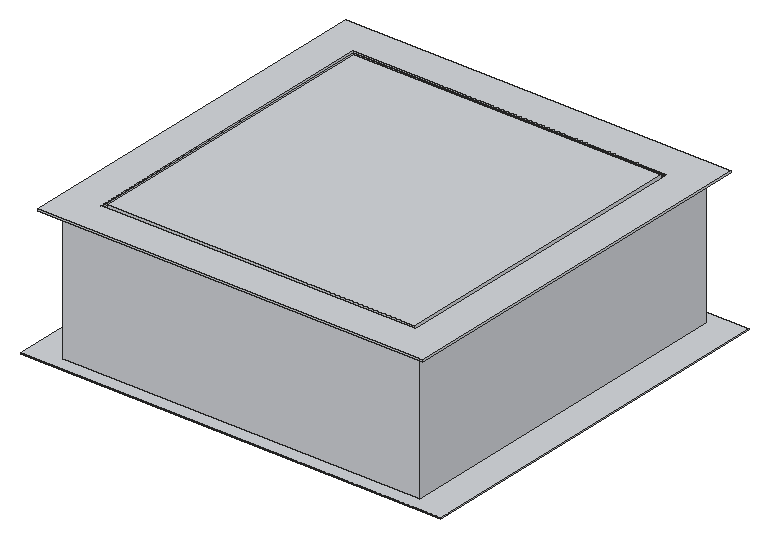
Revit family "Unterflurdose UZD350-3_165-220 mm", category Generic Models, Revit 2015
Parameters (values of type "UZD 1652200 350-3")
  URL = "http://www.obo-bettermann.com"
  Size "b" = 383 mm
  Size "a" = 362 mm
  Material = Steel, Galvanized
  Manufacturer Art. No. = "7410056"
  Manufacturer = "OBO Bettermann"
  HeightCalc = if(Height < 165 mm, 165 mm, (if(Height > 220 mm, 220 mm, Height)))  # 165 mm
  Height = 165 mm
  GTIN = "4012195431695"
  Cover Width = 373 mm
  Article Type = "UZD 165220 350-3"
  "B" Dimension = 510 mm
  "A" Dimension = 467 mm
Reference planes
  plane 1 "Center (Front/Back)": y = 0
  plane 2: z = 0
  plane 3 "Center (Left/Right)": x = 0
  plane 4: z = 1
  plane 5: x = -255
  plane 6: y = -233.5
  plane 7: x = 255
  plane 8: y = 233.5
  plane 9: y = -217
  plane 10: x = 217
  plane 11: y = 217
  plane 12: x = -217
  plane 13: z = 163
  plane 14: z = 165
  plane 15: x = -233.5
  plane 16: x = 233.5
  plane 17: y = 191.5
  plane 18: x = 191.5
  plane 19: x = -191.5
  plane 20: y = -191.5
  plane 21: z = 161
  plane 22: y = 181
  plane 23: y = -181
  plane 24: x = 181
  plane 25: x = -181
  plane 26: y = -186.5
  plane 27: x = 186.5
  plane 28: y = 186.5
  plane 29: x = -186.5
Forms (mm)
  Extrusion 1, solid
    sketch origin (0, 0, 0) x (1, 0, 0) y (0, 1, 0)
      loop
        line (255, 233.5) -> (-255, 233.5) -> (-255, -233.5) -> (255, -233.5) -> (255, 233.5)
    from 0 to 1
  Extrusion 2, solid
    sketch origin (0, 0, 0) x (1, 0, 0) y (0, 1, 0)
      loop
        line (-217, 217) -> (-217, -217) -> (217, -217) -> (217, 217) -> (-217, 217)
    from 1 to 163
  Extrusion 3, solid
    sketch origin (0, 0, 0) x (1, 0, 0) y (0, 1, 0)
      loop
        line (-233.5, 233.5) -> (-233.5, -233.5) -> (233.5, -233.5) -> (233.5, 233.5) -> (-233.5, 233.5)
    from 163 to 165
  Extrusion 4, void
    sketch origin (0, 0, 0) x (1, 0, 0) y (0, 1, 0)
      loop
        line (-191.5, 191.5) -> (-191.5, -191.5) -> (191.5, -191.5) -> (191.5, 191.5) -> (-191.5, 191.5)
    from 161 to 165
  Extrusion 5, void
    sketch origin (0, 0, 0) x (1, 0, 0) y (0, 1, 0)
      loop
        line (-181, 181) -> (-181, -181) -> (181, -181) -> (181, 181) -> (-181, 181)
    from 1 to 161
  Extrusion 6, solid
    sketch origin (0, 0, 0) x (1, 0, 0) y (0, 1, 0)
      loop
        line (-186.5, 186.5) -> (-186.5, -186.5) -> (186.5, -186.5) -> (186.5, 186.5) -> (-186.5, 186.5)
    from 161 to 165
Cuts and joins
  Extrusion 4, Extrusion 5 cuts Extrusion 1
  Extrusion 4, Extrusion 5 cuts Extrusion 2
  Extrusion 4 cuts Extrusion 3
Lines and regions (mm)
  model lines
    curve 1: line (255, 233.5, 0) -> (-255, 233.5, 0)
    curve 2: line (255, 233.5, 0) -> (255, -233.5, 0)
    curve 3: line (255, -233.5, 0) -> (-255, -233.5, 0)
    curve 4: line (-255, -233.5, 0) -> (-255, 233.5, 0)
    curve 5: line (-217, 217, 0) -> (217, 217, 0)
    curve 6: line (217, 217, 0) -> (217, -217, 0)
    curve 7: line (217, -217, 0) -> (-217, -217, 0)
    curve 8: line (-217, -217, 0) -> (-217, 217, 0)
    curve 9: line (-233.5, 233.5, 0) -> (-233.5, -233.5, 0)
    curve 10: line (233.5, -233.5, 0) -> (233.5, 233.5, 0)
    curve 11: line (-191.5, 191.5, 0) -> (191.5, 191.5, 0)
    curve 12: line (191.5, 191.5, 0) -> (191.5, -191.5, 0)
    curve 13: line (191.5, -191.5, 0) -> (-191.5, -191.5, 0)
    curve 14: line (-191.5, -191.5, 0) -> (-191.5, 191.5, 0)
    curve 15: line (-181, 181, 0) -> (181, 181, 0)
    curve 16: line (181, 181, 0) -> (181, -181, 0)
    curve 17: line (181, -181, 0) -> (-181, -181, 0)
    curve 18: line (-181, -181, 0) -> (-181, 181, 0)
    curve 19: line (-186.5, 186.5, 0) -> (186.5, 186.5, 0)
    curve 20: line (186.5, 186.5, 0) -> (186.5, -186.5, 0)
    curve 21: line (186.5, -186.5, 0) -> (-186.5, -186.5, 0)
    curve 22: line (-186.5, -186.5, 0) -> (-186.5, 186.5, 0)
Dimensions and locks
  locked: level to plane 4 at 1
  equal spacing: plane 6, plane 1 "Center (Front/Back)", plane 8
  ""A" Dimension": plane 6 to plane 8
  equal spacing: plane 5, plane 3 "Center (Left/Right)", plane 7
  ""B" Dimension": plane 5 to plane 7
  locked: plane 13 to plane 14 at 2
  equal spacing: plane 19, plane 3 "Center (Left/Right)", plane 18
  "Size "b"": plane 19 to plane 18
  equal spacing: plane 17, plane 1 "Center (Front/Back)", plane 20
  "Size "b"": plane 17 to plane 20
  "HeightCalc": level to plane 14
  locked: plane 21 to plane 14 at 4
  equal spacing: plane 25, plane 3 "Center (Left/Right)", plane 24
  "Size "a"": plane 25 to plane 24
  equal spacing: plane 22, plane 1 "Center (Front/Back)", plane 23
  "Size "a"": plane 22 to plane 23
  equal spacing: plane 29, plane 3 "Center (Left/Right)", plane 27
  "Cover Width": plane 29 to plane 27
  equal spacing: plane 28, plane 1 "Center (Front/Back)", plane 26
  "Cover Width": plane 28 to plane 26
  locked: plane 11 to plane 8 at 16.5
  locked: plane 9 to plane 6 at 16.5
  locked: plane 10 to plane 7 at 38
  locked: plane 5 to plane 12 at 38
  locked: plane 5 to plane 15 at 21.5
  locked: plane 16 to plane 7 at 21.5
  aligned and locked: level to plane 2
  aligned and locked: plane 7 to curve 2
  aligned and locked: plane 5 to curve 4
  aligned and locked: Extrusion 1 sketch curve to curve 1
  aligned and locked: Extrusion 1 sketch curve to curve 2
  aligned and locked: Extrusion 1 sketch curve to curve 3
  aligned and locked: Extrusion 1 sketch curve to curve 4
  aligned and locked: plane 4 to Extrusion 1
  aligned and locked: plane 11 to curve 5
  aligned and locked: curve 6 to plane 10
  aligned and locked: plane 9 to curve 7
  aligned and locked: curve 8 to plane 12
  aligned and locked: Extrusion 2 sketch curve to curve 5
  aligned and locked: Extrusion 2 sketch curve to curve 6
  aligned and locked: Extrusion 2 sketch curve to curve 7
  aligned and locked: Extrusion 2 sketch curve to curve 8
  aligned and locked: plane 13 to Extrusion 2
  aligned and locked: Extrusion 2 to plane 4
  aligned and locked: curve 9 to plane 15
  aligned and locked: plane 16 to curve 10
  aligned and locked: Extrusion 3 sketch curve to curve 9
  aligned and locked: Extrusion 3 sketch curve to curve 10
  aligned and locked: plane 6 to Extrusion 3 sketch curve
  aligned and locked: Extrusion 3 sketch curve to plane 8
  aligned and locked: Extrusion 3 to plane 13
  aligned and locked: plane 14 to Extrusion 3
  aligned and locked: curve 11 to plane 17
  aligned and locked: curve 12 to plane 18
  aligned and locked: plane 20 to curve 13
  aligned and locked: curve 14 to plane 19
  aligned and locked: Extrusion 1 to level
  aligned and locked: Extrusion 4 sketch curve to curve 11
  aligned and locked: Extrusion 4 sketch curve to curve 12
  aligned and locked: Extrusion 4 sketch curve to curve 13
  aligned and locked: Extrusion 4 sketch curve to curve 14
  aligned and locked: plane 14 to Extrusion 4
  aligned and locked: Extrusion 4 to plane 21
  aligned and locked: curve 15 to plane 22
  aligned and locked: curve 16 to plane 24
  aligned and locked: plane 23 to curve 17
  aligned and locked: curve 18 to plane 25
  aligned and locked: Extrusion 5 sketch curve to curve 15
  aligned and locked: Extrusion 5 sketch curve to curve 18
  aligned and locked: Extrusion 5 sketch curve to curve 17
  aligned and locked: Extrusion 5 sketch curve to curve 16
  aligned and locked: plane 21 to Extrusion 5
  aligned and locked: Extrusion 5 to plane 4
  aligned and locked: curve 19 to plane 28
  aligned and locked: curve 20 to plane 27
  aligned and locked: curve 21 to plane 26
  aligned and locked: curve 22 to plane 29
  aligned and locked: Extrusion 6 sketch curve to curve 19
  aligned and locked: Extrusion 6 sketch curve to curve 22
  aligned and locked: Extrusion 6 sketch curve to curve 21
  aligned and locked: Extrusion 6 sketch curve to curve 20
  aligned and locked: Extrusion 6 to plane 21
  aligned and locked: plane 14 to Extrusion 6
Automatic sketch dimensions
  curve 10 to plane 6 = 0 mm
  plane 8 to curve 9 = 0 mm
